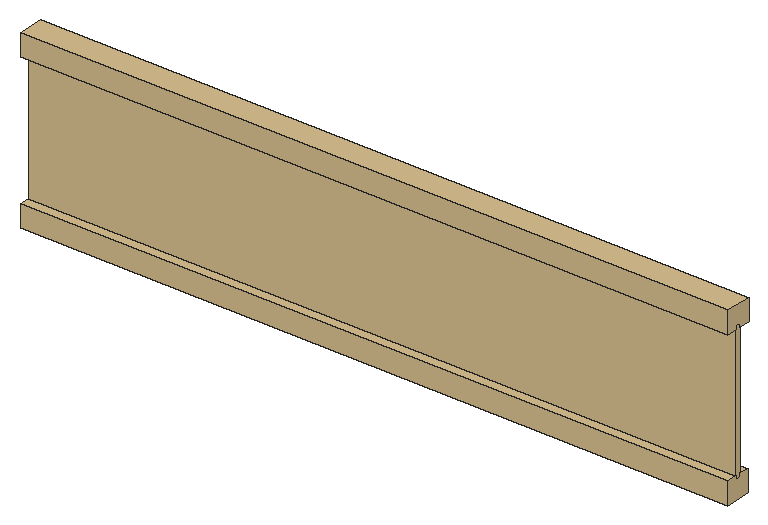
Revit family "M_Caibro de teia de compensado", category Quadro estrutural, Revit 2019
Family settings
  Arredondamento do comprimento do framing estrutural = 0 mm
  Forma do corte = Não definido
  Material para o comportamento do modelo = Madeira
  Exportar sempre como geometria = Não
  Número OmniClass = 23.25.30.21.17.11
  Título OmniClass = Wood I Joists
  ID de item do Seek = Plywood Web Joist-0000-CAN-ENU
  Sempre na vertical = Sim
  Corte com vazios quando carregada = Não
  Representação simbólica = Das configurações de projeto
  Compartilhado = Não
  Exibir o pré-corte da família na vista da planta = Sim
Parameters (values of type "44X302")
  Structural Material [instance] = Madeira de Conífera, Madeira
  Length [instance] = 1524 mm
  b = 44 mm
  d = 302 mm
Types (3, lengths in mm): name | d
  (no name) | 302
  44X302 | 302
  44X356 | 356
Reference planes
  plane 1 "Centro (Frente/Trás)": y = 0
  plane 2: z = 0
  plane 3 "Centro (Esquerda/Direita)": x = 4.61
  plane 4 "Membro esquerdo": x = -604.99
  plane 5 "Membro direito": x = 614.21
  plane 6: y = 22
  plane 7: y = -22
  plane 8: z = 151
  plane 9: z = -151
  plane 10: z = -112.9
  plane 11: z = 112.9
  plane 12: y = -4.763
  plane 13: y = 4.762
  plane 14 "Esquerda": x = -757.39
  plane 15 "Símbolo esquerdo de verga": x = -452.59
  plane 16 "Símbolo direito de verga": x = 461.81
  plane 17 "Direita": x = 766.61
Forms (mm)
  Extrusion 1, solid, material "Madeira de Conífera, Madeira" <- "Structural Material", detail levels medium+fine
    sketch origin (4.61, 0, 0) x (0, 1, 0) y (0, 0, 1)
      loop
        line (22, 151) -> (-22, 151) -> (-22, 112.9) -> (-4.763, 112.9) -> (-4.763, 119.25) -> (4.762, 119.25) -> (4.762, 112.9) -> (22, 112.9) -> (22, 151)
      loop
        line (22, -151) -> (22, -112.9) -> (4.762, -112.9) -> (4.762, -118.516) -> (-4.763, -118.516) -> (-4.763, -112.9) -> (-22, -112.9) -> (-22, -151) -> (22, -151)
    from -609.6 to 609.6
  Extrusion 2, solid, material "Madeira de Conífera, Madeira" <- "Structural Material", detail levels medium+fine
    sketch origin (4.61, 0, 0) x (0, 1, 0) y (0, 0, 1)
      loop
        line (4.762, 119.25) -> (-4.763, 119.25) -> (-4.763, -118.516) -> (4.762, -118.516) -> (4.762, 119.25)
    from -609.6 to 609.6
Lines and regions (mm)
  symbolic lines, style "Símbolos de vara", detail levels coarse
    curve 1: line (0, -22, -151) -> (0, 22, -151)
    curve 2: line (0, 22, -151) -> (0, 22, -112.9)
    curve 3: line (0, 22, -112.9) -> (0, 4.762, -112.9)
    curve 4: line (0, 4.762, -112.9) -> (0, 4.762, 112.9)
    curve 5: line (0, 4.762, 112.9) -> (0, 22, 112.9)
    curve 6: line (0, 22, 112.9) -> (0, 22, 151)
    curve 7: line (0, 22, 151) -> (0, -22, 151)
    curve 8: line (0, -22, 151) -> (0, -22, 112.9)
    curve 9: line (0, -22, 112.9) -> (0, -4.763, 112.9)
    curve 10: line (0, -4.763, 112.9) -> (0, -4.763, -112.9)
    curve 11: line (0, -4.763, -112.9) -> (0, -22, -112.9)
    curve 12: line (0, -22, -112.9) -> (0, -22, -151)
Dimensions and locks
  "b": plane 6 to plane 7
  "d": plane 9 to plane 8
  equal spacing: plane 9, plane 2, plane 8
  equal spacing: plane 6, plane 1 "Centro (Frente/Trás)", plane 7
  locked: plane 11 to plane 8 at 38.1
  locked: plane 9 to plane 10 at 38.1
  equal spacing: plane 13, plane 1 "Centro (Frente/Trás)", plane 12
  locked: plane 13 to plane 12 at 9.525
  locked: Extrusion 1 sketch curve to plane 11 at 6.35
  locked: Extrusion 1 sketch curve to plane 10 at 5.616
  "Length": plane 14 "Esquerda" to plane 17 "Direita"
  aligned and locked: plane 6 to Extrusion 1 sketch curve
  aligned and locked: Extrusion 1 sketch curve to plane 8
  aligned and locked: plane 9 to Extrusion 1 sketch curve
  aligned and locked: Extrusion 1 sketch curve to plane 7
  aligned and locked: Extrusion 2 sketch curve to Extrusion 1  (x4)
  aligned and locked: curve 9 to Extrusion 1
  aligned and locked: curve 5 to Extrusion 1
  aligned and locked: plane 6 to curve 6
  aligned and locked: curve 7 to plane 8
  aligned and locked: curve 8 to plane 7
  aligned and locked: plane 9 to curve 1
  aligned and locked: plane 6 to curve 2
  aligned and locked: curve 12 to plane 7
  aligned and locked: curve 3 to Extrusion 1
  aligned and locked: curve 11 to Extrusion 1
  aligned and locked: Extrusion 2 to curve 4
  aligned and locked: Extrusion 1 to Extrusion 2  (x2)
  aligned and locked: plane 4 "Membro esquerdo" to Extrusion 1
  aligned and locked: Extrusion 1 to plane 5 "Membro direito"
  aligned and locked: Extrusion 2 to plane 5 "Membro direito"
  aligned and locked: plane 4 "Membro esquerdo" to Extrusion 2
Automatic sketch dimensions
  Extrusion 1 sketch curve to plane 7 = 0 mm
  Extrusion 1 sketch curve to plane 12 = 0 mm  (x2)
  Extrusion 1 sketch curve to plane 11 = 0 mm  (x2)
  Extrusion 1 sketch curve to plane 13 = 0 mm  (x2)
  Extrusion 1 sketch curve to plane 6 = 0 mm
  Extrusion 1 sketch curve to plane 10 = 0 mm  (x2)
  plane 1 "Centro (Frente/Trás)" to curve 11 = 4.763 mm
